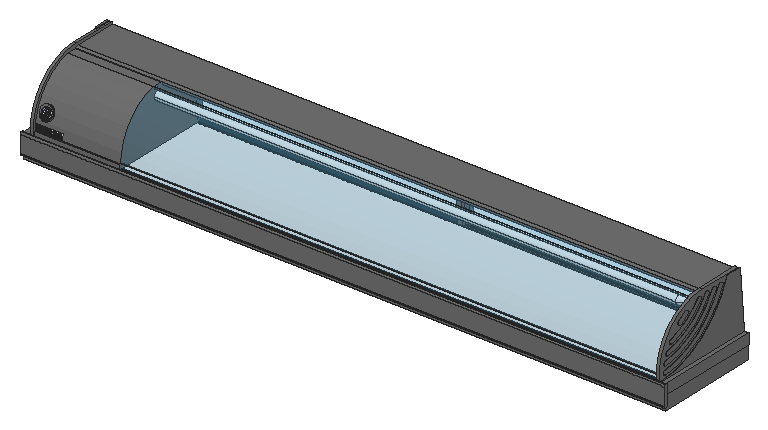
Revit family "QF_HOSHIZAKI_HNC-210BE-L-BH", category Specialty Equipment, Revit 2016
Family settings
  Part Type = Normal
  Round Connector Dimension = Use Diameter
  OmniClass Number = 23.40.40.14
  OmniClass Title = Food Service Equipment
  Work Plane-Based = No
  Always vertical = Yes
  Cut with Voids When Loaded = No
  Shared = No
  Room Calculation Point = No
Parameters (values of type "HNC-210BE-L-BH_230V/1Ph/50Hz")
  Weight = 47.00 kg
  Waste Remarks [instance] = ""
  Volts = 230 V
  URL Cutsheet = ""
  URL = "www.hoshizaki-europe.com"
  Status [instance] = ""
  Specification by User [instance] = ""
  Specification by Manufacturer [instance] = ""
  Serial Number = ""
  Seismic Rating = ""
  SMACNA No = ""
  Revision Code [instance] = ""
  Phase = 1
  Number of Poles = 2
  NAFEM Spec ID Number = ""
  Model = "HNC-210BE-L-BH"
  Min Ckt Ampacity = 0 A
  Max Overcurrent Protection = 0 A
  Masterspec = ""
  Manufacturer = "HOSHIZAKI"
  Length Actual = 2100 mm
  Item Number [instance] = ""
  Installed By [instance] = ""
  Indirect Waste Size = 50.8 mm
  Indirect Waste Connection Type [instance] = ""
  Indirect Waste Connection Height [instance] = 23 mm
  Identify Quantity as Lot [instance] = no
  Height Actual = 270 mm
  HP power = ""
  Furnished By [instance] = ""
  Foodservice Equipment Identifier [instance] = yes
  FL Amps = 0.6 A
  Electric power = 140 W
  Electric Connection Type [instance] = ""
  Elec Conn RI Height [instance] = 0 mm
  Elec Conn Connection Height [instance] = 19 mm
  Direct Waste RI Height [instance] = 0 mm
  Description = "SUSHI CASE, LEFT SIDED - BLACK"
  Depth Actual = 345 mm
  Cycle = 50 Hz
  Cost = 0
  Conn Plug = ""
  Conn Conduit = no
  CSI MasterFormat = ""
  Assembly Code = "E1090320"
  Apparent Power = 140 VA
  Accessory = no
Reference planes
  plane 1 "Center (Front/Back)": y = 0
  plane 2: z = 0
  plane 3 "Center (Left/Right)": x = 0
Forms (mm)
  Extrusion 1, solid, not visible
    sketch origin (29, -2, 18) x (1, 0, 0) y (0, 1, 0)
      loop
        line (0, 0) -> (2, 0) -> (2, 2) -> (0, 2) -> (0, 0)
    from 0 to 2
  Extrusion 2, solid, not visible
    sketch origin (2031, -2, 22) x (1, 0, 0) y (0, 1, 0)
      loop
        line (0, 0) -> (2, 0) -> (2, 2) -> (0, 2) -> (0, 0)
    from 0 to 2
Dimensions and locks
  aligned and locked: level to plane 2
Nested families
  nested 1: "QF_HOSHIZAKI_HNC-210BE-L-BH_230V_1Ph_50Hz" at (0, 0, 0), type "HNC-210BE-L-BH_230V/1Ph/50Hz"
    with Status "", Specification by User "", Show Clearance yes, Revision Code "", Number of Poles 1, Item Number "", Installed By "", Identify Quantity as Lot no, Furnished By "", Foodservice Equipment Identifier yes, Electrical Remarks "", Electric Connection Type "", Elec Conn RI Height 0 mm, Elec Conn Connection Height 19 mm, Conn Conduit yes
Connectors
  electrical at (30, 0, 19), driven by "Apparent Power", driven by "Number of Poles", driven by "Volts"
    settings: on Extrusion 1, index 1, voltage 230 V, apparent load 0 VA, apparent load phase1 140 VA, apparent load phase2 0 VA, apparent load phase3 0 VA, power factor 1, load classification "Other", number of poles 2, system type 31, power factor state 1, is connector primary yes, connector utility no, sub classification motor no, connector description "Electric connection for 'HNC-210BE-L-BH'"
  piping at (2032, 0, 23), diameter 50.8, driven by "Indirect Waste Size"
    settings: on Extrusion 2, index 2, connector inside diameter 609.6 mm, connector length 0 mm, flow factor 0, pipe flow 0.0 L/s, pressure drop 0.0 Pa, fitting loss kfactor 0, connector angle 0.00°, fixture units 0, engagement length 0 mm, angle of deflection 0.00°, flow configuration 1, flow direction 2, fitting loss method 0, system type 16, joint type 0, gender type 0, connector reference index -1, connector utility 0, adjustable connector no, is connector primary yes, connector description "Drain connection for 'HNC-210BE-L-BH'"
Definition of nested family "QF_HOSHIZAKI_HNC-210BE-L-BH_230V_1Ph_50Hz"
  Parameters (values of type "HNC-210BE-L-BH_230V/1Ph/50Hz")
    Weight in Pounds = 103.6171
    Electric power = 150 W
    Volts = 230 V
    URL Cutsheet = "www.hoshizaki-europe.com"
    URL = "www.hoshizaki-europe.com"
    Status [instance] = ""
    Specification by User [instance] = ""
    Specification by Manufacturer = ""
    Show Logo = yes
    Show Clearance [instance] = yes
    Serial Number = ""
    Seismic Rating = ""
    SMACNA No = ""
    Revision Code [instance] = ""
    Phase = 1
    Number of Poles [instance] = 1
    NAFEM Spec ID Number = ""
    Model = "HNC-210BE-L-BH"
    Min Ckt Ampacity = 0 A
    Max Overcurrent Protection = 0 A
    Masterspec = ""
    Manufacturer = "HOSHIZAKI"
    Item Number [instance] = ""
    Installed By [instance] = ""
    Identify Quantity as Lot [instance] = no
    HP power = "0.201153000000"
    Furnished By [instance] = ""
    Foodservice Equipment Identifier [instance] = yes
    FL Amps = 20 A
    Electrical Remarks [instance] = ""
    Electric Connection Type [instance] = ""
    Elec Conn RI Height [instance] = 0 mm
    Elec Conn Connection Height [instance] = 19 mm
    Description = "SUSHI CASE, LEFT SIDED - BLACK"
    Cycle = 50 Hz
    Conn Plug = ""
    Conn Conduit [instance] = yes
    CSI MasterFormat = ""
    Assembly Code = "E1090320"
    Apparent Power = 150 VA
  Reference planes
    plane 1 "Back": y = 0
    plane 2: z = 0
    plane 3 "Left": x = 0
    plane 4 "Right": x = 2100
    plane 5 "Front": y = -345
    plane 6 "Top": z = 270
  Forms (mm)
    Extrusion 1, solid
      sketch origin (0, 0, 0) x (0, 1, 0) y (0, 0, 1)
        loop
          line (-335, 11.612) -> (-335, 78.923) -> (-340, 78.923)
          arc (-340, 78.923) -> (-343.536, 77.458) -> (-345, 73.923) r 5
          line (-345, 73.923) -> (-345, 16.612)
          arc (-345, 16.612) -> (-343.536, 13.076) -> (-340, 11.612) r 5
          line (-340, 11.612) -> (-335, 11.612)
      from 0 to 2100
    Extrusion 2, solid
      sketch origin (4, 0, 0) x (0, 1, 0) y (0, 0, 1)
        loop
          line (0, 0) -> (0, 45.267) -> (-335, 45.267) -> (-335, 0) -> (0, 0)
      from 2092 to 0
    Extrusion 3, solid
      sketch origin (2080, 0, 0) x (0, 1, 0) y (0, 0, -1)
        loop
          arc (-335, -77.311) -> (-168.876, -131.23) -> (-62.821, -270) r 293.422
          line (-62.821, -270) -> (-16.482, -270) -> (0, -81.612) -> (0, -45.267) -> (-335, -45.267) -> (-335, -77.311)
        loop
          arc (-83.709, -252.219) -> (-178.479, -139.765) -> (-317.08, -90.602) r 280.922
          arc (-317.08, -90.602) -> (-323.161, -96.407) -> (-318.029, -103.066) r 6.285
          arc (-318.029, -103.066) -> (-185.592, -150.044) -> (-95.039, -257.5) r 268.422
          arc (-95.039, -257.5) -> (-87.673, -258.508) -> (-83.709, -252.219) r 6.865
        loop
          arc (-111.859, -251.686) -> (-195.78, -158.227) -> (-314.06, -115.953) r 255.922
          arc (-314.06, -115.953) -> (-320.31, -121.62) -> (-315.28, -128.393) r 6.28
          arc (-315.28, -128.393) -> (-202.759, -168.597) -> (-122.925, -257.5) r 243.422
          arc (-122.925, -257.5) -> (-115.571, -258.059) -> (-111.859, -251.686) r 6.947
        loop
          arc (-140.937, -251.021) -> (-211.328, -177.909) -> (-306.269, -142.04) r 230.922
          arc (-306.269, -142.04) -> (-312.519, -147.451) -> (-308.057, -154.411) r 6.315
          arc (-308.057, -154.411) -> (-218.228, -188.332) -> (-151.626, -257.5) r 218.422
          arc (-151.626, -257.5) -> (-143.81, -258.338) -> (-140.937, -251.021) r 6.48
        loop
          arc (-173, -248.071) -> (-226.037, -198.16) -> (-293.13, -169.833) r 205.922
          arc (-293.13, -169.833) -> (-298.352, -176.046) -> (-293.527, -182.572) r 6.554
          arc (-293.527, -182.572) -> (-231.849, -209.297) -> (-183.042, -255.516) r 193.422
          arc (-183.042, -255.516) -> (-175.054, -255.795) -> (-173, -248.071) r 6.411
        loop
          arc (-225.482, -229.368) -> (-239.933, -218.945) -> (-255.34, -209.993) r 180.922
          arc (-255.34, -209.993) -> (-262.519, -213.318) -> (-261.08, -221.097) r 6.452
          arc (-261.08, -221.097) -> (-246.737, -229.431) -> (-233.285, -239.134) r 168.422
          arc (-233.285, -239.134) -> (-225.701, -237.193) -> (-225.482, -229.368) r 6.501
      from 0 to 5
    Extrusion 4, solid
      sketch origin (2075, 0, 0) x (0, 1, 0) y (0, 0, -1)
        loop
          line (-335, -45.267) -> (-335, -77.311)
          arc (-335, -77.311) -> (-288.48, -212.569) -> (-157.482, -270) r 178.115
          line (-157.482, -270) -> (-16.482, -270) -> (0, -81.612) -> (0, -45.267) -> (-335, -45.267)
      from 0 to 10
    Extrusion 5, solid
      sketch origin (20, 0, 0) x (0, 1, 0) y (0, 0, 1)
        loop
          line (-335, 77.311) -> (-335, 45.267) -> (0, 45.267) -> (0, 81.612) -> (-16.482, 270) -> (-62.821, 270)
          arc (-62.821, 270) -> (-168.876, 131.23) -> (-335, 77.311) r 293.422
        loop
          arc (-83.709, 252.219) -> (-87.673, 258.508) -> (-95.039, 257.5) r 6.865
          arc (-95.039, 257.5) -> (-185.592, 150.044) -> (-318.029, 103.066) r 268.422
          arc (-318.029, 103.066) -> (-323.161, 96.407) -> (-317.08, 90.602) r 6.285
          arc (-317.08, 90.602) -> (-178.479, 139.765) -> (-83.709, 252.219) r 280.922
        loop
          arc (-111.859, 251.686) -> (-115.571, 258.059) -> (-122.925, 257.5) r 6.947
          arc (-122.925, 257.5) -> (-202.759, 168.597) -> (-315.28, 128.393) r 243.422
          arc (-315.28, 128.393) -> (-320.31, 121.62) -> (-314.06, 115.953) r 6.28
          arc (-314.06, 115.953) -> (-195.78, 158.227) -> (-111.859, 251.686) r 255.922
        loop
          arc (-140.937, 251.021) -> (-143.81, 258.338) -> (-151.626, 257.5) r 6.48
          arc (-151.626, 257.5) -> (-218.228, 188.332) -> (-308.057, 154.411) r 218.422
          arc (-308.057, 154.411) -> (-312.519, 147.451) -> (-306.269, 142.04) r 6.315
          arc (-306.269, 142.04) -> (-211.328, 177.909) -> (-140.937, 251.021) r 230.922
        loop
          arc (-173, 248.071) -> (-175.054, 255.795) -> (-183.042, 255.516) r 6.411
          arc (-183.042, 255.516) -> (-231.849, 209.297) -> (-293.527, 182.572) r 193.422
          arc (-293.527, 182.572) -> (-298.352, 176.046) -> (-293.13, 169.833) r 6.554
          arc (-293.13, 169.833) -> (-226.037, 198.16) -> (-173, 248.071) r 205.922
        loop
          arc (-225.482, 229.368) -> (-225.701, 237.193) -> (-233.285, 239.134) r 6.501
          arc (-233.285, 239.134) -> (-246.737, 229.431) -> (-261.08, 221.097) r 168.422
          arc (-261.08, 221.097) -> (-262.519, 213.318) -> (-255.34, 209.993) r 6.452
          arc (-255.34, 209.993) -> (-239.933, 218.945) -> (-225.482, 229.368) r 180.922
      from 0 to 5
    Extrusion 6, solid
      sketch origin (25, 0, 0) x (0, 1, 0) y (0, 0, 1)
        loop
          line (-335, 45.267) -> (0, 45.267) -> (0, 81.612) -> (-16.482, 270) -> (-157.482, 270)
          arc (-157.482, 270) -> (-288.48, 212.569) -> (-335, 77.311) r 178.115
          line (-335, 77.311) -> (-335, 45.267)
      from 0 to 10
    Extrusion 7, solid
      sketch origin (0, 0, 0) x (0, 1, 0) y (0, 0, 1)
        loop
          line (-335.005, 77.311) -> (-9.983, 77.311) -> (-9.983, 45.267) -> (0, 45.267) -> (0, 81.612) -> (-15.607, 260) -> (-198.787, 260)
          arc (-198.787, 260) -> (-293.716, 198.698) -> (-330.597, 91.885) r 173.115
          line (-330.597, 91.885) -> (-335.597, 91.885) -> (-335.005, 77.311)
      from 35 to 317
    Extrusion 8, solid
      sketch origin (0, 0, 0) x (0, 1, 0) y (0, 0, 1)
        loop
          line (-9.983, 45.267) -> (-9.983, 67.293)
          arc (-9.983, 67.293) -> (-12.951, 74.377) -> (-20.035, 77.311) r 10.017
          line (-20.035, 77.311) -> (-324.983, 77.311)
          arc (-324.983, 77.311) -> (-332.066, 74.377) -> (-335, 67.293) r 10.017
          line (-335, 67.293) -> (-335, 45.267) -> (-9.983, 45.267)
      from 35 to 2065
    Extrusion 9, solid
      sketch origin (0, 0, 0) x (0, 1, 0) y (0, 0, 1)
        loop
          line (-16.044, 265) -> (-157.482, 265)
          arc (-157.482, 265) -> (-162.482, 263.66) -> (-166.142, 260) r 10
          line (-166.142, 260) -> (-166.142, 255) -> (-15.169, 255) -> (-16.044, 265)
      from 35 to 2065
    Extrusion 10, solid
      sketch origin (0, 0, 0) x (0, 1, 0) y (0, 0, 1)
        loop
          line (-166.142, 260) -> (-198.787, 260)
          arc (-198.787, 260) -> (-293.716, 198.698) -> (-330.597, 91.885) r 173.115
          line (-330.597, 91.885) -> (-330.597, 77.395) -> (-325.597, 77.395) -> (-325.597, 91.885)
          arc (-325.597, 91.885) -> (-289.967, 195.377) -> (-198.178, 255) r 168.115
          line (-198.178, 255) -> (-166.142, 255) -> (-166.142, 260)
      from 317 to 2065
    Sweep 11, solid
      path origin (898.568, 0, 230) x (1, 0, 0) y (0, 1, 0)
        loop
          line (1072.551, -50.66) -> (1112.551, -50.66)
          arc (1112.551, -50.66) -> (1140.051, -62.051) -> (1151.442, -89.551) r 38.891
          line (1151.442, -89.551) -> (1151.442, -153.787)
          arc (1151.442, -153.787) -> (1142.122, -176.287) -> (1119.622, -185.607) r 31.82
          line (1119.622, -185.607) -> (-580.378, -185.607)
      profile origin (1991.12, -50.66, 230) x (0, 1, 0) y (0, 0, 1)
        loop
          circle (0, 0) r 12.5
    Extrusion 12, solid
      sketch origin (0, 0, 0) x (0, 1, 0) y (0, 0, 1)
        loop
          line (0, 45.267) -> (0, 81.612) -> (-1.743, 101.536) -> (-6.743, 101.536) -> (-5, 81.612) -> (-5, 77.311) -> (-10, 77.311) -> (-10, 45.267) -> (0, 45.267)
      from 317 to 2065
    Extrusion 13, solid
      sketch origin (900, 0, 0) x (0, 1, 0) y (0, 0, 1)
        loop
          line (-6.743, 101.536) -> (-1.743, 101.536) -> (-15.169, 255) -> (-20.169, 255) -> (-6.743, 101.536)
      from 1150 to 1165
    Extrusion 14, solid
      sketch origin (317, -10, 0) x (0, 1, 0) y (0, 0, 1)
        loop
          line (-5, 77.311) -> (-5, 81.612) -> (-20.169, 255) -> (-25.169, 255) -> (-9.917, 80.666) -> (-9.917, 77.311) -> (-5, 77.311)
      from 0 to 850
    Extrusion 15, solid
      sketch origin (0, 0, 0) x (1, 0, 0) y (0, 0, 1)
        loop
          line (20, 45.267) -> (20, 78.923) -> (4, 78.923) -> (4, 45.267) -> (20, 45.267)
      from 0 to 335
    Extrusion 16, solid
      sketch origin (2080, 0, 0) x (1, 0, 0) y (0, 0, 1)
        loop
          line (16, 45.267) -> (16, 78.923) -> (0, 78.923) -> (0, 45.267) -> (16, 45.267)
      from 0 to 335
    Extrusion 17, solid
      sketch origin (30, 5, 19) x (1, 0, 0) y (0, 0, 1)
        loop
          circle (0, 0) r 5
      from 0 to 5
    Extrusion 18, solid
      sketch origin (1500, 0, 0) x (0, 1, 0) y (0, 0, 1)
        loop
          line (-5, 77.311) -> (-5, 81.612) -> (-20.169, 255) -> (-25.169, 255) -> (-9.917, 80.666) -> (-9.917, 77.311) -> (-5, 77.311)
      from -300 to 550
    Extrusion 19, solid
      sketch origin (1200, 0, 0) x (0, 1, 0) y (0, 0, -1)
        loop
          line (-6.743, -101.536) -> (-4.917, -80.666) -> (-9.917, -80.666) -> (-25.169, -255) -> (-20.169, -255) -> (-14.603, -248.524) -> (-2.401, -109.056) -> (-6.743, -101.536)
      from 16 to 0
    Extrusion 20, solid
      sketch origin (1183, -10, 0) x (0, 1, 0) y (0, 0, -1)
        loop
          line (-6.743, -101.536) -> (-4.917, -80.666) -> (-9.917, -80.666) -> (-25.169, -255) -> (-20.169, -255) -> (-14.603, -248.524) -> (-2.401, -109.056) -> (-6.743, -101.536)
      from 16 to 0
    Extrusion 21, solid, visible <- "Show Logo"
      sketch origin (-4.782, -388.325, -502.549) x (1, 0, 0) y (0, 0.087156, 0.996195)
        loop
          line (55.338, 616.136) -> (55.338, 615.183) -> (56.401, 614.569) -> (56.401, 609.537) -> (55.338, 608.924) -> (55.338, 607.971) -> (59.638, 607.971) -> (59.638, 608.924) -> (58.286, 609.537) -> (58.286, 611.434) -> (61.704, 611.434) -> (61.704, 609.537) -> (60.353, 608.924) -> (60.353, 607.971) -> (64.652, 607.971) -> (64.652, 608.924) -> (63.589, 609.537) -> (63.589, 614.569) -> (64.652, 615.183) -> (64.652, 616.136) -> (60.353, 616.136) -> (60.353, 615.183) -> (61.704, 614.569) -> (61.704, 612.924) -> (58.286, 612.924) -> (58.286, 614.569) -> (59.638, 615.183) -> (59.638, 616.136) -> (55.338, 616.136)
        loop
          spline (69.001, 608.002) -> (70.129, 608.14) -> (71.179, 608.547) -> (72.081, 609.193) -> (72.773, 610.035) -> (73.209, 611.016) -> (73.357, 612.069) -> (73.209, 613.121) -> (72.773, 614.102) -> (72.081, 614.944) -> (71.179, 615.591) -> (70.129, 615.997) -> (69.001, 616.136)
          spline (69.001, 616.136) -> (67.874, 615.997) -> (66.824, 615.591) -> (65.922, 614.944) -> (65.229, 614.102) -> (64.794, 613.121) -> (64.646, 612.069) -> (64.794, 611.016) -> (65.229, 610.035) -> (65.922, 609.193) -> (66.824, 608.547) -> (67.874, 608.14) -> (69.001, 608.002)
        loop
          spline (68.927, 609) -> (69.484, 609.105) -> (70.004, 609.411) -> (70.45, 609.899) -> (70.792, 610.534) -> (71.007, 611.274) -> (71.08, 612.069) -> (71.007, 612.863) -> (70.792, 613.603) -> (70.45, 614.239) -> (70.004, 614.726) -> (69.484, 615.033) -> (68.927, 615.137)
          spline (68.927, 615.137) -> (68.37, 615.033) -> (67.851, 614.726) -> (67.405, 614.239) -> (67.063, 613.603) -> (66.847, 612.863) -> (66.774, 612.069) -> (66.847, 611.274) -> (67.063, 610.534) -> (67.405, 609.899) -> (67.851, 609.411) -> (68.37, 609.105) -> (68.927, 609)
        loop
          line (81.179, 616.194) -> (79.474, 615.758)
          arc (79.474, 615.758) -> (77.281, 616.22) -> (75.089, 615.753) r 5.403
          arc (75.089, 615.753) -> (73.886, 613.9) -> (75.089, 612.047) r 2.029
          line (75.089, 612.047) -> (78.971, 610.634)
          arc (78.971, 610.634) -> (79.436, 609.97) -> (78.971, 609.307) r 0.706
          arc (78.971, 609.307) -> (77.855, 609.11) -> (76.74, 609.307) r 3.262
          line (76.74, 609.307) -> (75.274, 610.772) -> (73.787, 610.772) -> (73.787, 608.097) -> (75.666, 608.577)
          arc (75.666, 608.577) -> (78.223, 607.78) -> (80.78, 608.577) r 4.5
          arc (80.78, 608.577) -> (81.48, 610.43) -> (80.78, 612.283) r 2.804
          line (80.78, 612.283) -> (76.487, 613.433)
          arc (76.487, 613.433) -> (75.882, 614.221) -> (76.487, 615.009) r 0.816
          arc (76.487, 615.009) -> (77.614, 615.157) -> (78.742, 615.009) r 4.357
          line (78.742, 615.009) -> (79.927, 613.433) -> (81.179, 613.433) -> (81.179, 616.194)
        loop
          line (82.271, 616.136) -> (82.271, 615.183) -> (83.334, 614.569) -> (83.334, 609.537) -> (82.271, 608.924) -> (82.271, 607.971) -> (86.57, 607.971) -> (86.57, 608.924) -> (85.219, 609.537) -> (85.219, 611.434) -> (88.636, 611.434) -> (88.636, 609.537) -> (87.285, 608.924) -> (87.285, 607.971) -> (91.585, 607.971) -> (91.585, 608.924) -> (90.522, 609.537) -> (90.522, 614.569) -> (91.585, 615.183) -> (91.585, 616.136) -> (87.285, 616.136) -> (87.285, 615.183) -> (88.636, 614.569) -> (88.636, 612.924) -> (85.219, 612.924) -> (85.219, 614.569) -> (86.57, 615.183) -> (86.57, 616.136) -> (82.271, 616.136)
        loop
          line (96.706, 616.136) -> (92.416, 616.136) -> (92.416, 615.183) -> (93.479, 614.569) -> (93.479, 609.537) -> (92.416, 608.924) -> (92.416, 607.971) -> (96.706, 607.971) -> (96.706, 608.924) -> (95.643, 609.537) -> (95.643, 614.569) -> (96.706, 615.183) -> (96.706, 616.136)
        loop
          line (97.667, 616.136) -> (97.667, 612.671) -> (98.907, 612.671) -> (98.907, 614.463) -> (99.558, 615.114) -> (102.547, 615.114) -> (97.667, 609.299) -> (97.667, 607.971) -> (104.908, 607.971) -> (104.908, 611.273) -> (103.649, 611.273) -> (103.649, 609.958) -> (102.708, 609.299) -> (100.239, 609.299) -> (104.908, 614.862) -> (104.908, 616.136) -> (97.667, 616.136)
        loop
          line (105.624, 607.971) -> (109.33, 607.971) -> (109.33, 609.028) -> (107.454, 609.028) -> (108.104, 610.636) -> (111.138, 610.636) -> (111.792, 609.702) -> (111.119, 609.028) -> (110.298, 609.028) -> (110.298, 607.971) -> (114.469, 607.971) -> (114.469, 609.299) -> (110.933, 616.136) -> (109.33, 616.136) -> (106.458, 609.028) -> (105.624, 609.028) -> (105.624, 607.971)
        loop
          line (114.779, 616.136) -> (114.779, 615.083) -> (116.046, 615.083) -> (116.046, 609.299) -> (114.99, 609.299) -> (114.99, 607.971) -> (118.696, 607.971) -> (117.926, 609.461) -> (117.926, 610.349) -> (119.101, 611.525) -> (121.327, 609.299) -> (120.053, 609.299) -> (120.053, 607.971) -> (124.657, 607.971) -> (124.657, 609.299) -> (123.759, 609.299) -> (120.592, 613.016) -> (122.659, 615.083) -> (123.759, 615.083) -> (123.759, 616.136) -> (120.053, 616.136) -> (120.053, 615.083) -> (121.071, 615.083) -> (117.926, 611.937) -> (118.696, 615.083) -> (118.696, 616.136) -> (114.779, 616.136)
        loop
          line (129.485, 616.136) -> (125.196, 616.136) -> (125.196, 615.183) -> (126.259, 614.569) -> (126.259, 609.537) -> (125.196, 608.924) -> (125.196, 607.971) -> (129.485, 607.971) -> (129.485, 608.924) -> (128.422, 609.537) -> (128.422, 614.569) -> (129.485, 615.183) -> (129.485, 616.136)
        loop
          line (109.583, 614.299) -> (108.553, 611.748) -> (110.666, 611.748) -> (109.583, 614.299)
        loop
          line (52.372, 617.338) -> (52.372, 606.471) -> (131.113, 606.471) -> (131.113, 617.338) -> (52.372, 617.338)
        loop
          line (133.113, 619.338) -> (50.372, 619.338) -> (50.372, 604.471) -> (133.113, 604.471) -> (133.113, 619.338)
      from -1 to 1
    Extrusion 22, solid, visible <- "Show Logo"
      sketch origin (5.218, -389.57, -522.517) x (1, 0, 0) y (0, 0.087156, 0.996195)
        loop
          line (42.372, 637.338) -> (42.372, 626.471) -> (121.113, 626.471) -> (121.113, 637.338) -> (42.372, 637.338)
      from -1 to 1
    Extrusion 23, solid, visible <- "Show Logo"
      sketch origin (529.533, -1020.677, -1575.035) x (-1, 0, 0) y (0, -0.374607, -0.927184)
        loop
          circle (459.884, -1862.5) r 13.99
      from 0 to 2.5
    Extrusion 24, solid, visible <- "Show Logo"
      sketch origin (529.533, -1021.14, -1574.847) x (-1, 0, 0) y (0, -0.374607, -0.927184)
        loop
          circle (459.884, -1862.5) r 15
        loop
          arc (446.884, -1862.5) -> (460.705, -1875.474) -> (472.781, -1860.863) r 13
          line (472.781, -1860.863) -> (470.355, -1858.437) -> (469.346, -1862.201) -> (466.355, -1863.928) -> (465.024, -1865.26) -> (463.375, -1865.26) -> (462.04, -1870.241) -> (457.755, -1870.241) -> (459.339, -1867.979) -> (460.402, -1864.014) -> (461.224, -1860.945) -> (462.416, -1856.497) -> (461.216, -1855.297) -> (459.433, -1857.843) -> (455.784, -1851.523) -> (460.361, -1851.523) -> (461.471, -1853.446) -> (469.213, -1853.446)
          arc (469.213, -1853.446) -> (460.394, -1849.51) -> (451.293, -1852.743) r 13
          line (451.293, -1852.743) -> (455.577, -1853.891) -> (453.752, -1856.497) -> (455.349, -1856.497) -> (454.477, -1866.459) -> (452.538, -1866.459) -> (446.884, -1862.5)
        loop
          line (447.853, -1857.467) -> (452.313, -1861.926) -> (450.144, -1853.891)
          arc (450.144, -1853.891) -> (448.878, -1855.602) -> (447.853, -1857.467) r 15.828
        loop
          line (463.583, -1862.877) -> (466.64, -1862.399) -> (464.901, -1861.285) -> (463.583, -1857.664) -> (463.583, -1862.877)
        loop
          line (464.827, -1855.979) -> (468.296, -1856.908) -> (469.573, -1854.916) -> (468.881, -1854.224) -> (467.914, -1855.035) -> (464.827, -1855.979)
        loop
          line (462.609, -1872.307) -> (462.609, -1874.009) -> (464.927, -1873.388) -> (462.609, -1872.307)
        loop
          line (460.361, -1874.662) -> (459.594, -1873.335) -> (460.801, -1872.638) -> (459.186, -1872.205) -> (458.298, -1874.11) -> (460.361, -1874.662)
        loop
          line (459.623, -1846.783) -> (460.706, -1845.701) -> (462.247, -1845.701) -> (461.191, -1844.645) -> (461.503, -1842.874) -> (459.623, -1843.959) -> (457.743, -1842.874) -> (458.055, -1844.645) -> (456.999, -1845.701) -> (458.54, -1845.701) -> (459.623, -1846.783)
        loop
          line (446.86, -1853.7) -> (446.594, -1852.191) -> (447.478, -1850.929) -> (446.007, -1851.188) -> (444.736, -1849.917) -> (444.547, -1852.08) -> (442.579, -1852.997) -> (444.209, -1853.757) -> (444.468, -1855.228) -> (445.352, -1853.965) -> (446.86, -1853.7)
        loop
          line (452.395, -1848.68) -> (452.856, -1847.219) -> (454.223, -1846.508) -> (452.799, -1846.059) -> (452.258, -1844.344) -> (451.091, -1846.175) -> (448.922, -1846.08) -> (450.017, -1847.507) -> (449.568, -1848.931) -> (450.935, -1848.219) -> (452.395, -1848.68)
        loop
          line (472.909, -1853.7) -> (474.417, -1853.965) -> (475.301, -1855.228) -> (475.56, -1853.757) -> (477.19, -1852.997) -> (475.222, -1852.08) -> (475.033, -1849.917) -> (473.761, -1851.188) -> (472.291, -1850.929) -> (473.175, -1852.191) -> (472.909, -1853.7)
        loop
          line (467.374, -1848.68) -> (468.834, -1848.219) -> (470.201, -1848.931) -> (469.752, -1847.507) -> (470.847, -1846.08) -> (468.678, -1846.175) -> (467.511, -1844.344) -> (466.97, -1846.059) -> (465.546, -1846.508) -> (466.913, -1847.219) -> (467.374, -1848.68)
      from 0 to 2.5
    Extrusion 25, solid, visible <- "Show Logo"
      sketch origin (529.533, -1021.14, -1574.847) x (-1, 0, 0) y (0, -0.374607, -0.927184)
        loop
          line (462.609, -1874.009) -> (462.609, -1872.307) -> (462.085, -1870.241) -> (457.755, -1870.241) -> (459.339, -1867.979) -> (462.416, -1856.497) -> (461.216, -1855.297) -> (459.433, -1857.843) -> (455.808, -1851.565) -> (453.948, -1851.565) -> (455.577, -1853.891) -> (454.477, -1866.459) -> (456.345, -1871.339)
          arc (456.345, -1871.339) -> (456.868, -1874.025) -> (459.213, -1875.435) r 3.366
          arc (459.213, -1875.435) -> (460.198, -1875.496) -> (461.183, -1875.435) r 8.046
          line (461.183, -1875.435) -> (462.609, -1874.009)
        loop
          line (456.854, -1851.523) -> (460.361, -1851.523) -> (460.916, -1852.485) -> (462.702, -1852.485) -> (463.779, -1851.407) -> (460.623, -1851.407) -> (461.563, -1850.468) -> (456.245, -1850.468) -> (456.854, -1851.523)
        loop
          line (460.361, -1874.662) -> (459.594, -1873.335) -> (460.801, -1872.638) -> (459.186, -1872.205) -> (458.298, -1874.11) -> (460.361, -1874.662)
      from 0 to 2.5
    Extrusion 26, solid, visible <- "Show Logo"
      sketch origin (515.149, -534.1, -370.716) x (-1, 0, 0) y (0, -0.374607, -0.927184)
        loop
          circle (445.5, -563.6) r 22.5
      from 0 to 2
  Lines and regions (mm)
    symbolic lines
      curve 1: line (0, -335, 0) -> (0, -345, 0)
      curve 2: line (0, -345, 0) -> (2100, -345, 0)
      curve 3: line (2100, -345, 0) -> (2100, -335, 0)
      curve 4: line (2100, -335, 0) -> (2096, -335, 0)
      curve 5: line (2096, -335, 0) -> (2096, 0, 0)
      curve 6: line (2096, 0, 0) -> (4, 0, 0)
      curve 7: line (35, 0, 0) -> (35, 5, 0)
      curve 8: line (35, 5, 0) -> (25, 5, 0)
      curve 9: line (25, 5, 0) -> (25, 0, 0)
      curve 10: line (4, 0, 0) -> (4, -335, 0)
      curve 11: line (4, -335, 0) -> (0, -335, 0)
      curve 12: line (4, -335, 0) -> (2096, -335, 0)
      curve 13: line (2065, -335, 0) -> (2065, 0, 0)
      curve 14: line (35, -335, 0) -> (35, 0, 0)
      curve 15: line (317, 0, 0) -> (317, -335, 0)
      curve 16: line (2065, -166.142, 0) -> (317, -166.142, 0)
  Dimensions and locks
    aligned and locked: level to plane 2
  Connectors
    electrical at (30, 5, 19), driven by "Apparent Power", driven by "Volts", driven by "Number of Poles"
      settings: on Extrusion 17, index 1, voltage 230 V, apparent load 0 VA, apparent load phase1 150 VA, apparent load phase2 0 VA, apparent load phase3 0 VA, power factor 1, load classification none, number of poles 1, system type 31, power factor state 1, is connector primary yes, connector utility no, sub classification motor no, connector description "Electrical Connection"
